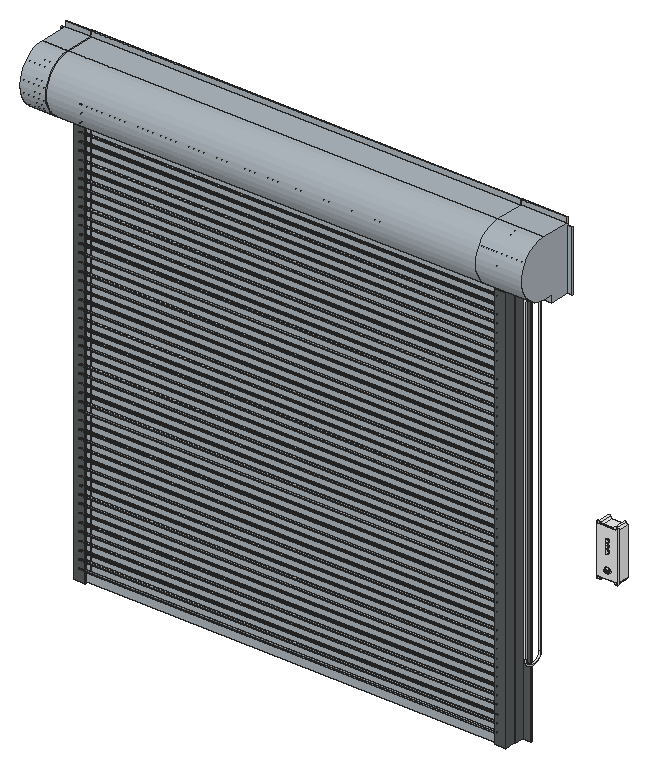
Revit family "Doors_Industrial_Wayne-Dalton_High-Cycle-Rolling-Service-Doors-Model-800-HC_", category Specialty Equipment, host Wall, Revit 2019 (continued)
Definition of nested family "Lifts"
  Dimensions and locks (in)
    locked: Extrusion 6 sketch curve to Extrusion 6 sketch curve at 4.25  (x2)
    "Setback": plane 8 "Real Opening 1" to Extrusion 6 sketch curve
    "Setback": Extrusion 6 sketch curve to plane 7 "Real Opening 2"
    "G Value": Extrusion 5 sketch curve to plane 7 "Real Opening 2"
    "G Value": plane 8 "Real Opening 1" to Extrusion 5 sketch curve
    "G Value": plane 8 "Real Opening 1" to plane 15
    "G Value": plane 14 to plane 7 "Real Opening 2"
    locked: Extrusion 2 to plane 15 at 0.25
    locked: Extrusion 2 to plane 14 at 0.25
    locked: plane 14 to plane 17 at 0.25
    locked: plane 18 to plane 15 at 0.25
    equal spacing: plane 7 "Real Opening 2", plane 3 "Center (Left/Right)", plane 8 "Real Opening 1"
    "Opening Width": plane 7 "Real Opening 2" to plane 8 "Real Opening 1"
    locked: plane 19 to plane 5 at 1.5
    "D Value": plane 1 "Center (Front/Back)" to plane 16
    "D Value": plane 20 to plane 1 "Center (Front/Back)"
    locked: plane 20 to plane 21 at 1.125
    equal spacing: Extrusion 1 sketch curve, plane 21, Extrusion 1 sketch curve
    "D Value": plane 22 to plane 1 "Center (Front/Back)"
    locked: plane 22 to plane 23 at 1.125
    equal spacing: Extrusion 2 sketch curve, plane 23, Extrusion 2 sketch curve
    "G Value": plane 8 "Real Opening 1" to Extrusion 6 sketch curve
    "G Value": Extrusion 6 sketch curve to plane 7 "Real Opening 2"
    locked: Extrusion 4 sketch curve to Extrusion 4 sketch curve at 6
    "Shaft Offset": Extrusion 4 sketch curve to plane 6
    locked: Extrusion 4 sketch curve to plane 9 at 2
    Extrusion 5 to plane 6 = 20 1/2"
    locked: Extrusion 7 sketch curve to Extrusion 7 sketch curve at 6
    "Shaft Offset": Extrusion 7 sketch curve to plane 6
    locked: Extrusion 7 sketch curve to plane 9 at 2
    "Side Clearance R Real": plane 35 to plane 7 "Real Opening 2"
    "Side Clearance L Real": plane 34 to plane 8 "Real Opening 1"
    locked: plane 24 to plane 26 at 0.25
    locked: plane 27 to plane 25 at 0.25
    locked: Extrusion 9 to Extrusion 9 at 0.25
    locked: Extrusion 10 sketch curve to Extrusion 10 sketch curve at 2  (x4)
    locked: Extrusion 10 to plane 1 "Center (Front/Back)" at 0.40528
    locked: Extrusion 10 to Extrusion 10 at 1.12497
    locked: Extrusion 10 to Extrusion 10 at 2
    locked: Extrusion 9 sketch curve to Extrusion 9 sketch curve at 1.5  (x2)
    locked: cut or joined group of Extrusion 9, Extrusion 10 to cut or joined group of Extrusion 9, Extrusion 10 at 0.25
    locked: curve 3 to curve 3 at 12
    locked: plane 29 to plane 2 at 60
    locked: plane 28 to plane 17 at 28
    "Chain offset": plane 31 to plane 32
    locked: plane 33 to plane 7 "Real Opening 2" at 14
    locked: plane 30 to plane 9 at 2
    locked: Sweep 11 sketch curve to plane 30 at 0.5
    locked: plane 25 to plane 35 at 1.5
    locked: plane 34 to plane 24 at 1.5
    radius of Extrusion 5 sketch curve = 0.188"  (x4)
    locked: Extrusion 6 sketch curve to Extrusion 6 sketch curve (radius 0.187")  (x4)
    aligned and locked: plane 2 to level
    aligned and locked: Extrusion 4 sketch curve to plane 5
    aligned and locked: plane 11 to Extrusion 3 sketch curve
    aligned and locked: Extrusion 5 sketch curve to plane 1 "Center (Front/Back)"  (x2)
    aligned and locked: plane 16 to Extrusion 6 sketch curve
    aligned and locked: Extrusion 6 sketch curve to Extrusion 6 sketch curve  (x2)
    aligned and locked: Extrusion 6 sketch curve to plane 16
    aligned and locked: plane 4 "Opening Height" to Extrusion 6
    aligned and locked: Extrusion 4 sketch curve to plane 10 "Main"
    aligned and locked: Masking region 1 to curve 2  (x2)
    aligned and locked: Masking region 1 to curve 1  (x2)
    aligned and locked: Extrusion 2 to Extrusion 1
    aligned and locked: Extrusion 1 to Extrusion 2
    aligned and locked: Masking region 1 to plane 14
    aligned and locked: Masking region 1 to plane 15
    aligned and locked: Extrusion 4 sketch curve to plane 9
    aligned and locked: Extrusion 5 to plane 9
    aligned and locked: Extrusion 7 sketch curve to plane 5
    aligned and locked: Extrusion 7 sketch curve to plane 10 "Main"
    aligned and locked: Extrusion 7 sketch curve to plane 9
    aligned and locked: Extrusion 8 sketch curve to plane 10 "Main"
    aligned and locked: Extrusion 8 sketch curve to plane 9
    aligned and locked: Extrusion 8 sketch curve to plane 6
    aligned and locked: Extrusion 8 sketch curve to plane 5
    aligned and locked: cut or joined group of Extrusion 4, Extrusion 8 to plane 25
    aligned and locked: plane 24 to cut or joined group of Extrusion 4, Extrusion 8
    aligned and locked: plane 24 to Extrusion 7
    aligned and locked: Extrusion 7 to plane 25
    aligned and locked: plane 26 to Extrusion 3
    aligned and locked: Extrusion 3 to plane 27
    aligned and locked: Extrusion 9 sketch curve to plane 5
    aligned and locked: Extrusion 9 sketch curve to plane 25
    aligned and locked: plane 9 to Extrusion 9 sketch curve
    aligned and locked: plane 1 "Center (Front/Back)" to Extrusion 9
    aligned and locked: plane 25 to Extrusion 10
    aligned and locked: Extrusion 9 sketch curve to plane 19  (x2)
    aligned and locked: Extrusion 9 sketch curve to plane 24
    aligned and locked: plane 24 to Extrusion 10 sketch curve
    aligned and locked: plane 19 to Extrusion 10 sketch curve  (x2)
    aligned and locked: curve 3 to plane 28
    aligned and locked: curve 3 to plane 29
    aligned and locked: plane 31 to Sweep 11 sketch curve  (x2)
    aligned and locked: plane 32 to plane 2
    aligned and locked: cut or joined group of Extrusion 4, Extrusion 8 to plane 17
    aligned and locked: plane 14 to Extrusion 9 sketch curve
    aligned and locked: plane 15 to Extrusion 9 sketch curve
    aligned and locked: cut or joined group of Extrusion 4, Extrusion 8 to plane 18
    aligned and locked: Masking region 5 sketch curve to plane 6  (x2)
    aligned and locked: Masking region 5 sketch curve to plane 12
    aligned and locked: Masking region 5 sketch curve to plane 24
    aligned and locked: Masking region 5 sketch curve to plane 34
    aligned and locked: Masking region 5 sketch curve to plane 1 "Center (Front/Back)"
    aligned and locked: Masking region 5 sketch curve to cut or joined group of Extrusion 9, Extrusion 10
    aligned and locked: Masking region 5 sketch curve to plane 25
    aligned and locked: Masking region 5 sketch curve to plane 35
    aligned and locked: plane 1 "Center (Front/Back)" to Masking region 5 sketch curve
    aligned and locked: plane 13 to Masking region 5 sketch curve
    aligned and locked: plane 35 to curve 7
    aligned and locked: plane 13 to curve 7
    aligned and locked: curve 7 to cut or joined group of Extrusion 9, Extrusion 10
    aligned and locked: plane 34 to curve 8
    aligned and locked: plane 12 to curve 8
    aligned and locked: curve 8 to cut or joined group of Extrusion 9, Extrusion 10
  Automatic sketch dimensions
    Masking region 1 sketch curve to plane 1 "Center (Front/Back)" = 0"
    Masking region 1 sketch curve to plane 13 = 0"
    Masking region 1 sketch curve to plane 12 = 0"
    Masking region 1 sketch curve to plane 6 = 0"
    Extrusion 9 sketch curve to plane 9 = 0"
    Extrusion 9 sketch curve to plane 5 = 0"
    Extrusion 10 sketch curve to plane 25 = 0"
    Sweep 11 sketch curve to profile plane = 0"
    Sweep 11 sketch curve to profile plane = 0.2675"
    Extrusion 15 sketch curve to plane 28 = 0.6134"
    Extrusion 15 sketch curve to Extrusion 15 sketch curve = 1 3/4"
    plane 29 to Extrusion 15 sketch curve = 4.36439"
    Extrusion 15 sketch curve to Extrusion 15 sketch curve = 0.28943"
    Extrusion 12 sketch curve to curve 3 = 3.05"
    Extrusion 12 sketch curve to Extrusion 12 sketch curve = 0.36392"  (x3)
    Extrusion 12 sketch curve to Extrusion 12 sketch curve = 0.32608"  (x4)
    Extrusion 12 sketch curve to Extrusion 12 sketch curve = 0.79865"  (x4)
    curve 3 to Extrusion 12 sketch curve = 1.56135"  (x2)
    Extrusion 12 sketch curve to curve 3 = 7.49146"  (x2)
    Extrusion 12 sketch curve to Extrusion 12 sketch curve = 0.0209"  (x2)
    Extrusion 12 sketch curve to Extrusion 12 sketch curve = 0.21557"  (x4)
    Extrusion 12 sketch curve to Extrusion 12 sketch curve = 0.43113"  (x3)
    Extrusion 12 sketch curve to Extrusion 12 sketch curve = 0.55048"  (x2)
    curve 3 to Extrusion 12 sketch curve = 6.9592"  (x2)
    Extrusion 12 sketch curve to Extrusion 12 sketch curve = 0.09844"
    Extrusion 12 sketch curve to Extrusion 12 sketch curve = 0.3349"  (x2)
    Extrusion 13 sketch curve to curve 3 = 3.05"
    Extrusion 13 sketch curve to Extrusion 13 sketch curve = 0.36392"  (x3)
    curve 3 to Extrusion 13 sketch curve = 2.68608"  (x2)
    Extrusion 13 sketch curve to curve 3 = 7.49146"  (x2)
    Extrusion 13 sketch curve to Extrusion 13 sketch curve = 0.55048"  (x3)
    curve 3 to Extrusion 13 sketch curve = 6.9592"
    Extrusion 14 sketch curve to curve 3 = 0"  (x3)
    curve 3 to Extrusion 14 sketch curve = 0"
    Extrusion 14 sketch curve to curve 3 = 3.34452"
    Extrusion 14 sketch curve to curve 3 = 1.84452"
    Extrusion 14 sketch curve to curve 3 = 0.34452"
    curve 3 to Extrusion 14 sketch curve = 4.50911"
    curve 3 to Masking region 3 sketch curve = 0"
    Masking region 3 sketch curve to curve 3 = 3.05"
    curve 3 to Masking region 3 sketch curve = 3.05"
    Masking region 3 sketch curve to curve 3 = 3.54"
    Masking region 4 sketch curve to curve 3 = 3/4"
    Masking region 4 sketch curve to Masking region 4 sketch curve = 0.1366"
    curve 3 to Masking region 4 sketch curve = 3/4"
    Masking region 4 sketch curve to Masking region 4 sketch curve = 0.3866"
    Masking region 4 sketch curve to curve 3 = 4.03743"
    Masking region 4 sketch curve to Masking region 4 sketch curve = 0.37743"  (x2)
    Masking region 4 sketch curve to Masking region 4 sketch curve = 0.12"
    curve 4 to curve 3 = 3.05"
    curve 6 to curve 3 = 3.66"
    curve 3 to curve 5 = 0.24619"
    curve 5 to curve 4 = 0"
    curve 6 to curve 3 = 3/4"
    curve 3 to curve 6 = 3/4"
    curve 3 to curve 5 = 3.05"
    curve 6 to curve 4 = 2.3"
    curve 6 to curve 4 = 0.37"
    Masking region 2 sketch curve to plane 13 = 0"
    Masking region 2 sketch curve to plane 17 = 0"
    plane 1 "Center (Front/Back)" to Masking region 2 sketch curve = 0"  (x2)
    Masking region 2 sketch curve to plane 18 = 0"
    Masking region 2 sketch curve to plane 12 = 0"
    plane 13 to Masking region 2 sketch curve = 1/16"
    Masking region 2 sketch curve to plane 7 "Real Opening 2" = 1/16"
    Masking region 2 sketch curve to plane 1 "Center (Front/Back)" = 1/16"
    Masking region 2 sketch curve to Masking region 2 sketch curve = 3/16"
    Masking region 2 sketch curve to plane 8 "Real Opening 1" = 1/4"
    Masking region 2 sketch curve to plane 8 "Real Opening 1" = 1/16"
    plane 12 to Masking region 2 sketch curve = 1/16"
    Masking region 2 sketch curve to Masking region 2 sketch curve = 1/16"
    Masking region 2 sketch curve to Masking region 2 sketch curve = 2 9/16"  (x2)
    Sweep 11 sketch curve to plane 30 = 0"
    Sweep 11 sketch curve to plane 1 "Center (Front/Back)" = 7"
    Sweep 11 sketch curve to Sweep 11 sketch curve = 2 7/16"
    Masking region 5 sketch curve to plane 1 "Center (Front/Back)" = 1/4"
    curve 1 to plane 17 = 0"
    curve 2 to plane 18 = 0"
    Extrusion 1 sketch curve to Extrusion 1 sketch curve = 3/8"
    Extrusion 2 sketch curve to level = 0"
    Extrusion 6 sketch curve to plane 17 = 1/4"
    plane 18 to Extrusion 6 sketch curve = 1/4"
    radius of Extrusion 3 sketch curve = 0.6"
    radius of Sweep 11 sketch curve = 0.2675"
    radius of Extrusion 14 sketch curve = 3/4"
    radius of Extrusion 14 sketch curve = 1/2"  (x3)
Definition of nested family "Label Annotation 1"
  Parameters (values of type "Label Annotation 1-8")
    Label = "Area is too big. Please reduce Door Size."
  Reference planes (in)
    plane 1: y = 0
    plane 2: x = 0
  Text (in)
    label "Label" at (0.00375, -0.00345, 0), shows "Label"
Definition of nested family "Warning Sign"
  Parameters (values of type "Warning Sign")
    Warning Sign [instance] = no
    Default Elevation = 48"
  Reference planes (in)
    plane 1 "Center (Front/Back)": y = 0
    plane 2: z = 0
    plane 3 "Center (Left/Right)": x = 0
    plane 4: y = 0.5
    plane 5: y = -0.5
    plane 6: y = 1
    plane 7: y = 0.25
  Lines and regions (in)
    model lines
      curve 1: line (-2.26129, 1, 45.69444) -> (-26.3817, 1, 3.91667)
      curve 2: line (-25.25106, 1, 3.26389) -> (-1.13064, 1, 45.04167)
      curve 3: arc (2.26129, 1, 45.69444) -> (0, 1, 47) -> (-2.26129, 1, 45.69444) r 2.61111
      curve 4: arc (-1.13064, 1, 45.04167) -> (0, 1, 45.69444) -> (1.13064, 1, 45.04167) r 1.30556
      curve 5: line (1.13064, 1, 45.04167) -> (25.25106, 1, 3.26389)
      curve 6: line (26.3817, 1, 3.91667) -> (2.26129, 1, 45.69444)
      curve 7: arc (25.25106, 1, 3.26389) -> (25.25106, 1, 1.95833) -> (24.12041, 1, 1.30556) r 1.30556
      curve 8: arc (24.12041, 1, 0) -> (26.3817, 1, 1.30556) -> (26.3817, 1, 3.91667) r 2.61111
      curve 9: line (24.12041, 1, 1.30556) -> (-24.12041, 1, 1.30556)
      curve 10: line (-24.12041, 1, 0) -> (24.12041, 1, 0)
      curve 11: arc (-24.12041, 1, 1.30556) -> (-25.25106, 1, 1.95833) -> (-25.25106, 1, 3.26389) r 1.30556
      curve 12: arc (-26.3817, 1, 3.91667) -> (-26.3817, 1, 1.30556) -> (-24.12041, 1, 0) r 2.61111
      curve 13: arc (-2.29479, 1, 8.63537) -> (0, 1, 6.34057) -> (2.29479, 1, 8.63537) r 2.29479
      curve 14: arc (2.29479, 1, 8.63537) -> (0, 1, 10.93016) -> (-2.29479, 1, 8.63537) r 2.29479
      curve 15: arc (-1.6331, 1, 13.97069) -> (0.03439, 1, 12.53727) -> (1.69278, 1, 13.98121) r 1.68043
      curve 16: line (-3.77413, 1, 28.37873) -> (-1.6331, 1, 13.97069)
      curve 17: line (1.69278, 1, 13.98121) -> (3.73924, 1, 28.37873)
      curve 18: arc (3.73924, 1, 28.37873) -> (-0.01745, 1, 32.13541) -> (-3.77413, 1, 28.37873) r 3.75668
      curve 19: line (-2.26129, -0.5, 45.69444) -> (-26.3817, -0.5, 3.91667)
      curve 20: line (-25.25106, -0.5, 3.26389) -> (-1.13064, -0.5, 45.04167)
      curve 21: arc (2.26129, -0.5, 45.69444) -> (0, -0.5, 47) -> (-2.26129, -0.5, 45.69444) r 2.61111
      curve 22: arc (-1.13064, -0.5, 45.04167) -> (0, -0.5, 45.69444) -> (1.13064, -0.5, 45.04167) r 1.30556
      curve 23: line (1.13064, -0.5, 45.04167) -> (25.25106, -0.5, 3.26389)
      curve 24: line (26.3817, -0.5, 3.91667) -> (2.26129, -0.5, 45.69444)
      curve 25: arc (25.25106, -0.5, 3.26389) -> (25.25106, -0.5, 1.95833) -> (24.12041, -0.5, 1.30556) r 1.30556
      curve 26: arc (24.12041, -0.5, 0) -> (26.3817, -0.5, 1.30556) -> (26.3817, -0.5, 3.91667) r 2.61111
      curve 27: line (24.12041, -0.5, 1.30556) -> (-24.12041, -0.5, 1.30556)
      curve 28: line (-24.12041, -0.5, 0) -> (24.12041, -0.5, 0)
      curve 29: arc (-24.12041, -0.5, 1.30556) -> (-25.25106, -0.5, 1.95833) -> (-25.25106, -0.5, 3.26389) r 1.30556
      curve 30: arc (-26.3817, -0.5, 3.91667) -> (-26.3817, -0.5, 1.30556) -> (-24.12041, -0.5, 0) r 2.61111
      curve 31: arc (-2.29479, -0.5, 8.63537) -> (0, -0.5, 6.34057) -> (2.29479, -0.5, 8.63537) r 2.29479
      curve 32: arc (2.29479, -0.5, 8.63537) -> (0, -0.5, 10.93016) -> (-2.29479, -0.5, 8.63537) r 2.29479
      curve 33: arc (-1.6331, -0.5, 13.97069) -> (0.03439, -0.5, 12.53727) -> (1.69278, -0.5, 13.98121) r 1.68043
      curve 34: line (-3.77413, -0.5, 28.37873) -> (-1.6331, -0.5, 13.97069)
      curve 35: line (1.69278, -0.5, 13.98121) -> (3.73924, -0.5, 28.37873)
      curve 36: arc (3.73924, -0.5, 28.37873) -> (-0.01745, -0.5, 32.13541) -> (-3.77413, -0.5, 28.37873) r 3.75668
  Dimensions and locks (in)
    locked: plane 1 "Center (Front/Back)" to plane 4 at 0.5
    equal spacing: plane 1 "Center (Front/Back)", plane 7, plane 4
    locked: plane 4 to plane 6 at 0.5
    locked: plane 5 to plane 1 "Center (Front/Back)" at 0.5
    aligned and locked: plane 2 to level
  Automatic sketch dimensions
    curve 21 to curve 22 = 0"  (x2)
    curve 25 to curve 26 = 0"  (x2)
    curve 29 to curve 30 = 0"  (x2)
    curve 31 to curve 32 = 0"  (x2)
    curve 21 to plane 3 "Center (Left/Right)" = 0"
    curve 31 to plane 3 "Center (Left/Right)" = 0"
    curve 30 to level = 0"
    level to curve 27 = 1.30556"
    curve 26 to curve 27 = 1.30556"
    curve 29 to curve 27 = 1.30556"
    curve 23 to curve 25 = 0.65278"
    curve 20 to curve 29 = 0.65278"
    curve 24 to curve 23 = 0.65278"
    curve 19 to curve 20 = 0.65278"
    level to curve 32 = 8.63537"
    curve 34 to plane 3 "Center (Left/Right)" = 1.6331"
    curve 34 to curve 31 = 5.33532"
    plane 3 "Center (Left/Right)" to curve 35 = 1.69278"
    curve 35 to curve 34 = 0.01052"
    plane 3 "Center (Left/Right)" to curve 33 = 0.02908"
    curve 36 to plane 3 "Center (Left/Right)" = 0.01745"
    curve 36 to curve 33 = 14.16104"
    curve 22 to curve 36 = 16.01016"
    plane 3 "Center (Left/Right)" to curve 23 = 1.13064"
    curve 23 to curve 21 = 0.65278"
    curve 20 to plane 3 "Center (Left/Right)" = 1.13064"
    plane 3 "Center (Left/Right)" to curve 24 = 2.26129"
    curve 24 to curve 22 = 0.65278"
    curve 19 to plane 3 "Center (Left/Right)" = 2.26129"
    curve 34 to curve 36 = 3.75668"
    curve 30 to plane 3 "Center (Left/Right)" = 24.12041"
    plane 3 "Center (Left/Right)" to curve 25 = 24.12041"
    curve 31 to curve 31 = 2.29479"
    curve 3 to curve 4 = 0"  (x2)
    curve 7 to curve 8 = 0"  (x2)
    curve 11 to curve 12 = 0"  (x2)
    curve 13 to curve 14 = 0"  (x2)
    curve 3 to plane 3 "Center (Left/Right)" = 0"
    curve 13 to plane 3 "Center (Left/Right)" = 0"
    curve 12 to level = 0"
    level to curve 9 = 1.30556"
    curve 8 to curve 9 = 1.30556"
    curve 11 to curve 9 = 1.30556"
    curve 5 to curve 7 = 0.65278"
    curve 2 to curve 11 = 0.65278"
    curve 6 to curve 5 = 0.65278"
    curve 1 to curve 2 = 0.65278"
    level to curve 14 = 8.63537"
    curve 16 to plane 3 "Center (Left/Right)" = 1.6331"
    curve 16 to curve 13 = 5.33532"
    plane 3 "Center (Left/Right)" to curve 17 = 1.69278"
    curve 17 to curve 16 = 0.01052"
    plane 3 "Center (Left/Right)" to curve 15 = 0.02908"
    curve 18 to plane 3 "Center (Left/Right)" = 0.01745"
    curve 18 to curve 15 = 14.16104"
    curve 4 to curve 18 = 16.01016"
    plane 3 "Center (Left/Right)" to curve 5 = 1.13064"
    curve 5 to curve 3 = 0.65278"
    curve 2 to plane 3 "Center (Left/Right)" = 1.13064"
    plane 3 "Center (Left/Right)" to curve 6 = 2.26129"
    curve 6 to curve 4 = 0.65278"
    curve 1 to plane 3 "Center (Left/Right)" = 2.26129"
    curve 16 to curve 18 = 3.75668"
    curve 12 to plane 3 "Center (Left/Right)" = 24.12041"
    plane 3 "Center (Left/Right)" to curve 7 = 24.12041"
    curve 13 to curve 13 = 2.29479"
Types (6): name | Voltage | Number of Poles | Apparent Load Phase 3 | Apparent Load Phase 2 | Apparent Load Phase 1
  230 volts, three phase, 60 Hz (220-240V range) | 230 V | 3 | 2655.81 VA | 2655.81 VA | 2655.81 VA
  460 volts, three phase, 60 Hz (440-480V range) | 460 V | 3 | 5311.62 VA | 5311.62 VA | 5311.62 VA
  575 volts, three phase, 60 Hz | 575 V | 3 | 6639.53 VA | 6639.53 VA | 6639.53 VA
  208 volts, one phase, 60 Hz (208-240V range) | 208 V | 1 | 0 VA | 0 VA | 4160 VA
  208 volts, three phase, 60 Hz (208-240V range) | 208 V | 3 | 2401.78 VA | 2401.78 VA | 2401.78 VA
  220 volts, one phase, 60 Hz (220-240V range) | 220 V | 1 | 0 VA | 0 VA | 4400 VA
